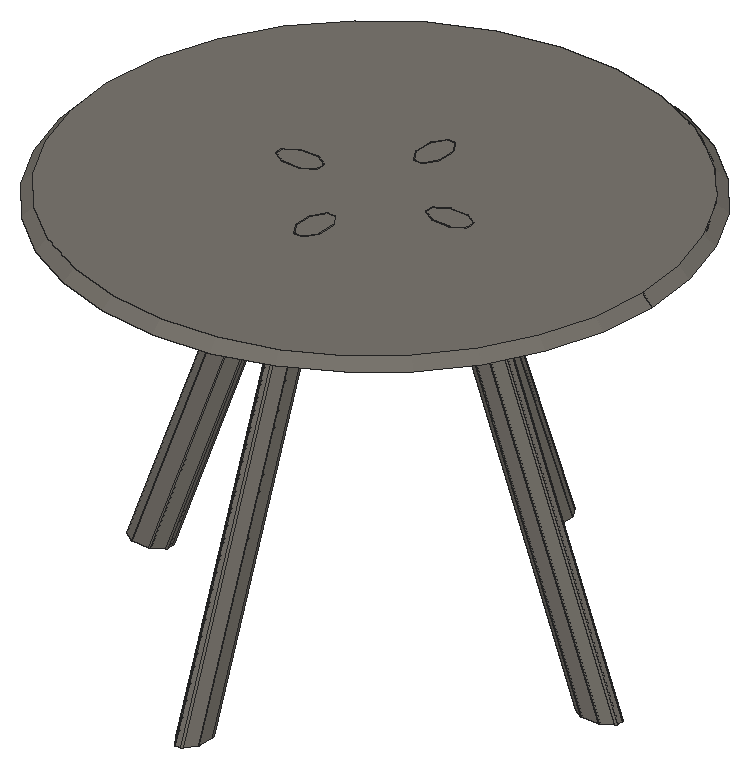
Revit family "Table-Work-Teknion-STBSR_Qui_Without_Power-R2014", category Furniture, Revit 2014
Parameters (values of type "Round, 25.5" High")
  Width = 36.000"
  Warranty = "https://d2r72yk5wmppdj.cloudfront.net/m/3754bc876d846fdf/StudioTK--Warranty.pdf"
  Unit Weight = 65.00 lbf  # constant formula
  URL = "www.studiotk.com"
  Table Finish [instance] = Wood - Teknion - DY - Cocoa Brown
  Square Table Visibility = not(Round Table Visibility)  # no
  Series = "Studio"
  Round Table Visibility = yes
  Product Line = "Qui"
  Product Documentation Link = "https://d2r72yk5wmppdj.cloudfront.net/m/6a067d0f21732b57/Qui_Tables_ppg.pdf"
  Part Number = "STBSR"
  Model = "STBSRB25N"
  Manufacturer Phone = "919-464-2920"
  Manufacturer Fax = "919-464-2927"
  Manufacturer Email = "customersupport@studiotk.com"
  Manufacturer Address = "3941 US 70 Business HWY West, Clayton, NC 27520"
  Manufacturer = "StudioTK"  # constant formula
  Low Emitting Material = yes
  Low Emitting Finish = yes
  Height = 25.500"
  Description = "Qui Work Table Without Power, Round 36\"dia / 91cm, 25.5\"h / 65 cm"
  Depth = 36.000"
  Assembly Code = "E2020200"
Reference planes (in)
  plane 1 "Center F/B": y = 0
  plane 2: z = 0
  plane 3 "Center L/R": x = 0
  plane 4 "Left": x = -18
  plane 5 "Right": x = 18
  plane 6 "Back": y = 18
  plane 7 "Front": y = -18
  plane 8 "Top": z = 25.5
Dimensions and locks (in)
  "Height": plane 8 "Top" to plane 2
  equal spacing: plane 4 "Left", plane 3 "Center L/R", plane 5 "Right"
  "Width": plane 4 "Left" to plane 5 "Right"
  equal spacing: plane 6 "Back", plane 1 "Center F/B", plane 7 "Front"
  "Depth": plane 6 "Back" to plane 7 "Front"
  aligned and locked: level to plane 2
  aligned and locked: plane 3 "Center L/R" to nested 1
  aligned and locked: plane 1 "Center F/B" to nested 1
  aligned and locked: plane 3 "Center L/R" to nested 2
  aligned and locked: plane 1 "Center F/B" to nested 2
  aligned and locked: plane 2 to nested 2
  aligned and locked: plane 2 to nested 1
Nested families (in)
  nested 1: "Table-Work-Teknion-STBSR_Square_Qui-R2013" at (0, 0, 0), visible <- "Square Table Visibility", Table Finish <- "Table Finish", type "25.5" High"
    with Table Finish Wood - Teknion - DY - Cocoa Brown
  nested 2: "Table-Work-Teknion-STBSR_Round_Qui-R2013" at (0, 0, 0), visible <- "Round Table Visibility", Table Finish <- "Table Finish", type "25.5" High"
    with Table Finish Wood - Teknion - DY - Cocoa Brown
Definition of nested family "Table-Work-Teknion-STBSR_Square_Qui-R2013"
  Parameters (values of type "25.5" High")
    Width = 36.000"
    Warranty = "http://www.teknionstudio.com/pdfs/Teknion%20Studio%20Warranty.pdf"
    Unit Weight = 0.00 lbf
    URL = "www.teknionstudio.com"
    Table Finish [instance] = Wood - Teknion - DY - Cocoa Brown
    Series = "Studio"
    Product Line = "Qui"
    Product Documentation Link = "http://www.teknionstudio.com/pricing/STBSR_ppg.pdf"
    Part Number = "STBSR"
    Model = "STBSRD25"
    Manufacturer Phone = "919-464-2920"
    Manufacturer Fax = "919-464-2927"
    Manufacturer Email = "customersupport@teknionstudio.com"
    Manufacturer Address = "3941 US 70 Business HWY West, Clayton, NC 27520"
    Manufacturer = "Teknion Studio"
    Low Emitting Material = yes
    Low Emitting Finish = yes
    Height = 25.500"
    Description = "Qui Work Table, Square 36\"w / 91cm, 25.5\"h / 65 cm"
    Depth = 36.000"
    Assembly Code = "E2020200"
  Reference planes (in)
    plane 1 "Center F/B": y = 0
    plane 2: z = 0
    plane 3 "Center L/R": x = 0
    plane 4 "Left": x = -18
    plane 5 "Right": x = 18
    plane 6 "Back": y = 18
    plane 7 "Front": y = -18
    plane 8 "Top": z = 25.5
    plane 9 "Table Base": z = 24.875
    plane 10 "Table Bottom": z = 23.375
    plane 11 "Leg Top": z = 25.525
  Forms (in)
    Blend 1, solid, material "Wood - Teknion - DY - Cocoa Brown" <- "Table Finish"
      base sketch origin (0, 0, 24.875) x (-1, 0, 0) y (0, -1, 0)
        loop
          arc (17.75, -18) -> (17.92678, -17.92678) -> (18, -17.75) r 0.25
          line (18, -17.75) -> (18, 17.75)
          arc (18, 17.75) -> (17.92678, 17.92678) -> (17.75, 18) r 0.25
          line (17.75, 18) -> (-17.75, 18)
          arc (-17.75, 18) -> (-17.92678, 17.92678) -> (-18, 17.75) r 0.25
          line (-18, 17.75) -> (-18, -17.75)
          arc (-18, -17.75) -> (-17.92678, -17.92678) -> (-17.75, -18) r 0.25
          line (-17.75, -18) -> (17.75, -18)
      top sketch origin (0, 0, 25.5) x (-1, 0, 0) y (0, -1, 0)
        loop
          line (-17.375, -17.375) -> (17.375, -17.375) -> (17.375, 17.375) -> (-17.375, 17.375) -> (-17.375, -17.375)
      from 0 to 0
    Blend 2, solid, material "Wood - Teknion - DY - Cocoa Brown" <- "Table Finish"
      base sketch origin (0, 0, 23.375) x (-1, 0, 0) y (0, -1, 0)
        loop
          line (11, -11) -> (11, 11) -> (-11, 11) -> (-11, -11) -> (11, -11)
      top sketch origin (0, 0, 23.375) x (-1, 0, 0) y (0, -1, 0)
        loop
          line (-12, -12) -> (12, -12) -> (12, 12) -> (-12, 12) -> (-12, -12)
      from 0 to 1.5
    Blend 3, solid, material "Wood - Teknion - DY - Cocoa Brown" <- "Table Finish"
      base sketch origin (0, 0, 25.525) x (0, -1, 0) y (1, 0, 0)
        loop
          arc (-11.94086, -11.68237) -> (-12.00536, -11.64431) -> (-12.08022, -11.64218) r 0.15
          line (-12.08022, -11.64218) -> (-12.84415, -11.81607)
          arc (-12.84415, -11.81607) -> (-12.88338, -11.83103) -> (-12.91693, -11.85627) r 0.15
          line (-12.91693, -11.85627) -> (-13.6605, -12.59984)
          arc (-13.6605, -12.59984) -> (-13.68574, -12.63338) -> (-13.70069, -12.67261) r 0.15
          line (-13.70069, -12.67261) -> (-13.87459, -13.43655)
          arc (-13.87459, -13.43655) -> (-13.87245, -13.51141) -> (-13.83439, -13.5759) r 0.15
          line (-13.83439, -13.5759) -> (-13.5759, -13.83439)
          arc (-13.5759, -13.83439) -> (-13.51141, -13.87245) -> (-13.43655, -13.87459) r 0.15
          line (-13.43655, -13.87459) -> (-12.67261, -13.70069)
          arc (-12.67261, -13.70069) -> (-12.63338, -13.68574) -> (-12.59984, -13.6605) r 0.15
          line (-12.59984, -13.6605) -> (-11.85627, -12.91693)
          arc (-11.85627, -12.91693) -> (-11.83103, -12.88338) -> (-11.81607, -12.84415) r 0.15
          line (-11.81607, -12.84415) -> (-11.64218, -12.08022)
          arc (-11.64218, -12.08022) -> (-11.64431, -12.00536) -> (-11.68237, -11.94086) r 0.15
          line (-11.68237, -11.94086) -> (-11.94086, -11.68237)
      top sketch origin (0, 0, 25.525) x (0, -1, 0) y (1, 0, 0)
        loop
          arc (-5.06286, -4.80437) -> (-5.12736, -4.76631) -> (-5.20222, -4.76418) r 0.15
          line (-5.20222, -4.76418) -> (-5.96615, -4.93807)
          arc (-5.96615, -4.93807) -> (-6.00538, -4.95303) -> (-6.03893, -4.97827) r 0.15
          line (-6.03893, -4.97827) -> (-6.7825, -5.72184)
          arc (-6.7825, -5.72184) -> (-6.80774, -5.75538) -> (-6.82269, -5.79461) r 0.15
          line (-6.82269, -5.79461) -> (-6.99659, -6.55854)
          arc (-6.99659, -6.55854) -> (-6.99445, -6.63341) -> (-6.95639, -6.6979) r 0.15
          line (-6.95639, -6.6979) -> (-6.6979, -6.95639)
          arc (-6.6979, -6.95639) -> (-6.63341, -6.99445) -> (-6.55854, -6.99659) r 0.15
          line (-6.55854, -6.99659) -> (-5.79461, -6.82269)
          arc (-5.79461, -6.82269) -> (-5.75538, -6.80774) -> (-5.72184, -6.7825) r 0.15
          line (-5.72184, -6.7825) -> (-4.97827, -6.03893)
          arc (-4.97827, -6.03893) -> (-4.95303, -6.00538) -> (-4.93807, -5.96615) r 0.15
          line (-4.93807, -5.96615) -> (-4.76418, -5.20222)
          arc (-4.76418, -5.20222) -> (-4.76631, -5.12736) -> (-4.80437, -5.06286) r 0.15
          line (-4.80437, -5.06286) -> (-5.06286, -4.80437)
      from -25.525 to -0.025
    Blend 4, solid, material "Wood - Teknion - DY - Cocoa Brown" <- "Table Finish"
      base sketch origin (0, 0, 25.525) x (0, 1, 0) y (-1, 0, 0)
        loop
          arc (-11.94086, -11.68237) -> (-12.00536, -11.64431) -> (-12.08022, -11.64218) r 0.15
          line (-12.08022, -11.64218) -> (-12.84415, -11.81607)
          arc (-12.84415, -11.81607) -> (-12.88338, -11.83103) -> (-12.91693, -11.85627) r 0.15
          line (-12.91693, -11.85627) -> (-13.6605, -12.59984)
          arc (-13.6605, -12.59984) -> (-13.68574, -12.63338) -> (-13.70069, -12.67261) r 0.15
          line (-13.70069, -12.67261) -> (-13.87459, -13.43655)
          arc (-13.87459, -13.43655) -> (-13.87245, -13.51141) -> (-13.83439, -13.5759) r 0.15
          line (-13.83439, -13.5759) -> (-13.5759, -13.83439)
          arc (-13.5759, -13.83439) -> (-13.51141, -13.87245) -> (-13.43655, -13.87459) r 0.15
          line (-13.43655, -13.87459) -> (-12.67261, -13.70069)
          arc (-12.67261, -13.70069) -> (-12.63338, -13.68574) -> (-12.59984, -13.6605) r 0.15
          line (-12.59984, -13.6605) -> (-11.85627, -12.91693)
          arc (-11.85627, -12.91693) -> (-11.83103, -12.88338) -> (-11.81607, -12.84415) r 0.15
          line (-11.81607, -12.84415) -> (-11.64218, -12.08022)
          arc (-11.64218, -12.08022) -> (-11.64431, -12.00536) -> (-11.68237, -11.94086) r 0.15
          line (-11.68237, -11.94086) -> (-11.94086, -11.68237)
      top sketch origin (0, 0, 25.525) x (0, 1, 0) y (-1, 0, 0)
        loop
          arc (-5.06286, -4.80437) -> (-5.12736, -4.76631) -> (-5.20222, -4.76418) r 0.15
          line (-5.20222, -4.76418) -> (-5.96615, -4.93807)
          arc (-5.96615, -4.93807) -> (-6.00538, -4.95303) -> (-6.03893, -4.97827) r 0.15
          line (-6.03893, -4.97827) -> (-6.7825, -5.72184)
          arc (-6.7825, -5.72184) -> (-6.80774, -5.75538) -> (-6.82269, -5.79461) r 0.15
          line (-6.82269, -5.79461) -> (-6.99659, -6.55854)
          arc (-6.99659, -6.55854) -> (-6.99445, -6.63341) -> (-6.95639, -6.6979) r 0.15
          line (-6.95639, -6.6979) -> (-6.6979, -6.95639)
          arc (-6.6979, -6.95639) -> (-6.63341, -6.99445) -> (-6.55854, -6.99659) r 0.15
          line (-6.55854, -6.99659) -> (-5.79461, -6.82269)
          arc (-5.79461, -6.82269) -> (-5.75538, -6.80774) -> (-5.72184, -6.7825) r 0.15
          line (-5.72184, -6.7825) -> (-4.97827, -6.03893)
          arc (-4.97827, -6.03893) -> (-4.95303, -6.00538) -> (-4.93807, -5.96615) r 0.15
          line (-4.93807, -5.96615) -> (-4.76418, -5.20222)
          arc (-4.76418, -5.20222) -> (-4.76631, -5.12736) -> (-4.80437, -5.06286) r 0.15
          line (-4.80437, -5.06286) -> (-5.06286, -4.80437)
      from -25.525 to -0.025
    Sweep 5, void
      path origin (0, 0, 0) x (1, 0, 0) y (0, 0, 1)
        loop
          line (0, 25.5) -> (0, 25.25)
      profile origin (0, 0, 25.375) x (0, -1, 0) y (1, 0, 0)
        loop
          arc (-7.01219, -6.55499) -> (-7.00983, -6.63784) -> (-6.96771, -6.70922) r 0.166
          line (-6.96771, -6.70922) -> (-6.70922, -6.96771)
          arc (-6.70922, -6.96771) -> (-6.63784, -7.00983) -> (-6.55499, -7.01219) r 0.166
          line (-6.55499, -7.01219) -> (-5.79106, -6.83829)
          arc (-5.79106, -6.83829) -> (-5.74765, -6.82174) -> (-5.71052, -6.79381) r 0.166
          line (-5.71052, -6.79381) -> (-4.96695, -6.05024)
          arc (-4.96695, -6.05024) -> (-4.93902, -6.01312) -> (-4.92247, -5.9697) r 0.166
          line (-4.92247, -5.9697) -> (-4.74858, -5.20577)
          arc (-4.74858, -5.20577) -> (-4.75094, -5.12292) -> (-4.79306, -5.05155) r 0.166
          line (-4.79306, -5.05155) -> (-5.05155, -4.79306)
          arc (-5.05155, -4.79306) -> (-5.12292, -4.75094) -> (-5.20577, -4.74858) r 0.166
          line (-5.20577, -4.74858) -> (-5.9697, -4.92247)
          arc (-5.9697, -4.92247) -> (-6.01312, -4.93902) -> (-6.05024, -4.96695) r 0.166
          line (-6.05024, -4.96695) -> (-6.79381, -5.71052)
          arc (-6.79381, -5.71052) -> (-6.82174, -5.74765) -> (-6.83829, -5.79106) r 0.166
          line (-6.83829, -5.79106) -> (-7.01219, -6.55499)
        loop
          line (-6.79381, 5.71052) -> (-6.05024, 4.96695)
          arc (-6.05024, 4.96695) -> (-6.01312, 4.93902) -> (-5.9697, 4.92247) r 0.166
          line (-5.9697, 4.92247) -> (-5.20577, 4.74858)
          arc (-5.20577, 4.74858) -> (-5.12292, 4.75094) -> (-5.05155, 4.79306) r 0.166
          line (-5.05155, 4.79306) -> (-4.79306, 5.05155)
          arc (-4.79306, 5.05155) -> (-4.75094, 5.12292) -> (-4.74858, 5.20577) r 0.166
          line (-4.74858, 5.20577) -> (-4.92247, 5.9697)
          arc (-4.92247, 5.9697) -> (-4.93902, 6.01312) -> (-4.96695, 6.05024) r 0.166
          line (-4.96695, 6.05024) -> (-5.71052, 6.79381)
          arc (-5.71052, 6.79381) -> (-5.74765, 6.82174) -> (-5.79106, 6.83829) r 0.166
          line (-5.79106, 6.83829) -> (-6.55499, 7.01219)
          arc (-6.55499, 7.01219) -> (-6.63784, 7.00983) -> (-6.70922, 6.96771) r 0.166
          line (-6.70922, 6.96771) -> (-6.96771, 6.70922)
          arc (-6.96771, 6.70922) -> (-7.00983, 6.63784) -> (-7.01219, 6.55499) r 0.166
          line (-7.01219, 6.55499) -> (-6.83829, 5.79106)
          arc (-6.83829, 5.79106) -> (-6.82174, 5.74765) -> (-6.79381, 5.71052) r 0.166
        loop
          line (6.83829, 5.79106) -> (7.01219, 6.55499)
          arc (7.01219, 6.55499) -> (7.00983, 6.63784) -> (6.96771, 6.70922) r 0.166
          line (6.96771, 6.70922) -> (6.70922, 6.96771)
          arc (6.70922, 6.96771) -> (6.63784, 7.00983) -> (6.55499, 7.01219) r 0.166
          line (6.55499, 7.01219) -> (5.79106, 6.83829)
          arc (5.79106, 6.83829) -> (5.74765, 6.82174) -> (5.71052, 6.79381) r 0.166
          line (5.71052, 6.79381) -> (4.96695, 6.05024)
          arc (4.96695, 6.05024) -> (4.93902, 6.01312) -> (4.92247, 5.9697) r 0.166
          line (4.92247, 5.9697) -> (4.74858, 5.20577)
          arc (4.74858, 5.20577) -> (4.75094, 5.12292) -> (4.79306, 5.05155) r 0.166
          line (4.79306, 5.05155) -> (5.05155, 4.79306)
          arc (5.05155, 4.79306) -> (5.12292, 4.75094) -> (5.20577, 4.74858) r 0.166
          line (5.20577, 4.74858) -> (5.9697, 4.92247)
          arc (5.9697, 4.92247) -> (6.01312, 4.93902) -> (6.05024, 4.96695) r 0.166
          line (6.05024, 4.96695) -> (6.79381, 5.71052)
          arc (6.79381, 5.71052) -> (6.82174, 5.74765) -> (6.83829, 5.79106) r 0.166
        loop
          line (7.01219, -6.55499) -> (6.83829, -5.79106)
          arc (6.83829, -5.79106) -> (6.82174, -5.74765) -> (6.79381, -5.71052) r 0.166
          line (6.79381, -5.71052) -> (6.05024, -4.96695)
          arc (6.05024, -4.96695) -> (6.01312, -4.93902) -> (5.9697, -4.92247) r 0.166
          line (5.9697, -4.92247) -> (5.20577, -4.74858)
          arc (5.20577, -4.74858) -> (5.12292, -4.75094) -> (5.05155, -4.79306) r 0.166
          line (5.05155, -4.79306) -> (4.79306, -5.05155)
          arc (4.79306, -5.05155) -> (4.75094, -5.12292) -> (4.74858, -5.20577) r 0.166
          line (4.74858, -5.20577) -> (4.92247, -5.9697)
          arc (4.92247, -5.9697) -> (4.93902, -6.01312) -> (4.96695, -6.05024) r 0.166
          line (4.96695, -6.05024) -> (5.71052, -6.79381)
          arc (5.71052, -6.79381) -> (5.74765, -6.82174) -> (5.79106, -6.83829) r 0.166
          line (5.79106, -6.83829) -> (6.55499, -7.01219)
          arc (6.55499, -7.01219) -> (6.63784, -7.00983) -> (6.70922, -6.96771) r 0.166
          line (6.70922, -6.96771) -> (6.96771, -6.70922)
          arc (6.96771, -6.70922) -> (7.00983, -6.63784) -> (7.01219, -6.55499) r 0.166
    Blend 6, solid, material "Wood - Teknion - DY - Cocoa Brown" <- "Table Finish"
      base sketch origin (0, 0, 25.525) x (0, 1, 0) y (-1, 0, 0)
        loop
          line (11.94086, -11.68237) -> (11.68237, -11.94086)
          arc (11.68237, -11.94086) -> (11.64431, -12.00536) -> (11.64218, -12.08022) r 0.15
          line (11.64218, -12.08022) -> (11.81607, -12.84415)
          arc (11.81607, -12.84415) -> (11.83103, -12.88338) -> (11.85627, -12.91693) r 0.15
          line (11.85627, -12.91693) -> (12.59984, -13.6605)
          arc (12.59984, -13.6605) -> (12.63338, -13.68574) -> (12.67261, -13.70069) r 0.15
          line (12.67261, -13.70069) -> (13.43655, -13.87459)
          arc (13.43655, -13.87459) -> (13.51141, -13.87245) -> (13.5759, -13.83439) r 0.15
          line (13.5759, -13.83439) -> (13.83439, -13.5759)
          arc (13.83439, -13.5759) -> (13.87245, -13.51141) -> (13.87459, -13.43655) r 0.15
          line (13.87459, -13.43655) -> (13.70069, -12.67261)
          arc (13.70069, -12.67261) -> (13.68574, -12.63338) -> (13.6605, -12.59984) r 0.15
          line (13.6605, -12.59984) -> (12.91693, -11.85627)
          arc (12.91693, -11.85627) -> (12.88338, -11.83103) -> (12.84415, -11.81607) r 0.15
          line (12.84415, -11.81607) -> (12.08022, -11.64218)
          arc (12.08022, -11.64218) -> (12.00536, -11.64431) -> (11.94086, -11.68237) r 0.15
      top sketch origin (0, 0, 25.525) x (0, 1, 0) y (-1, 0, 0)
        loop
          line (5.06286, -4.80437) -> (4.80437, -5.06286)
          arc (4.80437, -5.06286) -> (4.76631, -5.12736) -> (4.76418, -5.20222) r 0.15
          line (4.76418, -5.20222) -> (4.93807, -5.96615)
          arc (4.93807, -5.96615) -> (4.95303, -6.00538) -> (4.97827, -6.03893) r 0.15
          line (4.97827, -6.03893) -> (5.72184, -6.7825)
          arc (5.72184, -6.7825) -> (5.75538, -6.80774) -> (5.79461, -6.82269) r 0.15
          line (5.79461, -6.82269) -> (6.55854, -6.99659)
          arc (6.55854, -6.99659) -> (6.63341, -6.99445) -> (6.6979, -6.95639) r 0.15
          line (6.6979, -6.95639) -> (6.95639, -6.6979)
          arc (6.95639, -6.6979) -> (6.99445, -6.63341) -> (6.99659, -6.55854) r 0.15
          line (6.99659, -6.55854) -> (6.82269, -5.79461)
          arc (6.82269, -5.79461) -> (6.80774, -5.75538) -> (6.7825, -5.72184) r 0.15
          line (6.7825, -5.72184) -> (6.03893, -4.97827)
          arc (6.03893, -4.97827) -> (6.00538, -4.95303) -> (5.96615, -4.93807) r 0.15
          line (5.96615, -4.93807) -> (5.20222, -4.76418)
          arc (5.20222, -4.76418) -> (5.12736, -4.76631) -> (5.06286, -4.80437) r 0.15
      from -25.525 to -0.025
    Blend 7, solid, material "Wood - Teknion - DY - Cocoa Brown" <- "Table Finish"
      base sketch origin (0, 0, 25.525) x (0, -1, 0) y (1, 0, 0)
        loop
          line (11.94086, -11.68237) -> (11.68237, -11.94086)
          arc (11.68237, -11.94086) -> (11.64431, -12.00536) -> (11.64218, -12.08022) r 0.15
          line (11.64218, -12.08022) -> (11.81607, -12.84415)
          arc (11.81607, -12.84415) -> (11.83103, -12.88338) -> (11.85627, -12.91693) r 0.15
          line (11.85627, -12.91693) -> (12.59984, -13.6605)
          arc (12.59984, -13.6605) -> (12.63338, -13.68574) -> (12.67261, -13.70069) r 0.15
          line (12.67261, -13.70069) -> (13.43655, -13.87459)
          arc (13.43655, -13.87459) -> (13.51141, -13.87245) -> (13.5759, -13.83439) r 0.15
          line (13.5759, -13.83439) -> (13.83439, -13.5759)
          arc (13.83439, -13.5759) -> (13.87245, -13.51141) -> (13.87459, -13.43655) r 0.15
          line (13.87459, -13.43655) -> (13.70069, -12.67261)
          arc (13.70069, -12.67261) -> (13.68574, -12.63338) -> (13.6605, -12.59984) r 0.15
          line (13.6605, -12.59984) -> (12.91693, -11.85627)
          arc (12.91693, -11.85627) -> (12.88338, -11.83103) -> (12.84415, -11.81607) r 0.15
          line (12.84415, -11.81607) -> (12.08022, -11.64218)
          arc (12.08022, -11.64218) -> (12.00536, -11.64431) -> (11.94086, -11.68237) r 0.15
      top sketch origin (0, 0, 25.525) x (0, -1, 0) y (1, 0, 0)
        loop
          line (5.06286, -4.80437) -> (4.80437, -5.06286)
          arc (4.80437, -5.06286) -> (4.76631, -5.12736) -> (4.76418, -5.20222) r 0.15
          line (4.76418, -5.20222) -> (4.93807, -5.96615)
          arc (4.93807, -5.96615) -> (4.95303, -6.00538) -> (4.97827, -6.03893) r 0.15
          line (4.97827, -6.03893) -> (5.72184, -6.7825)
          arc (5.72184, -6.7825) -> (5.75538, -6.80774) -> (5.79461, -6.82269) r 0.15
          line (5.79461, -6.82269) -> (6.55854, -6.99659)
          arc (6.55854, -6.99659) -> (6.63341, -6.99445) -> (6.6979, -6.95639) r 0.15
          line (6.6979, -6.95639) -> (6.95639, -6.6979)
          arc (6.95639, -6.6979) -> (6.99445, -6.63341) -> (6.99659, -6.55854) r 0.15
          line (6.99659, -6.55854) -> (6.82269, -5.79461)
          arc (6.82269, -5.79461) -> (6.80774, -5.75538) -> (6.7825, -5.72184) r 0.15
          line (6.7825, -5.72184) -> (6.03893, -4.97827)
          arc (6.03893, -4.97827) -> (6.00538, -4.95303) -> (5.96615, -4.93807) r 0.15
          line (5.96615, -4.93807) -> (5.20222, -4.76418)
          arc (5.20222, -4.76418) -> (5.12736, -4.76631) -> (5.06286, -4.80437) r 0.15
      from -25.525 to -0.025
  Cuts and joins
    Sweep 5 cuts Blend 1
  Lines and regions (in)
    Masking region 1
      outline origin (0, 0, 25.525) x (0, -1, 0) y (1, 0, 0)
        loop
          line (-18, -18) -> (18, -18) -> (18, 18) -> (-18, 18) -> (-18, -18)
    symbolic lines, detail levels medium+fine
      curve 1: line (17.375, 17.375, 25.525) -> (-17.375, 17.375, 25.525)
      curve 2: line (-17.375, 17.375, 25.525) -> (-17.375, -17.375, 25.525)
      curve 3: line (-17.375, -17.375, 25.525) -> (17.375, -17.375, 25.525)
      curve 4: line (17.375, -17.375, 25.525) -> (17.375, 17.375, 25.525)
    symbolic lines, style "Hidden Lines", detail levels medium+fine
      curve 5: line (-6.6979, 6.95639, 25.525) -> (-6.95639, 6.6979, 25.525)
      curve 6: arc (-6.55854, 6.99659, 25.525) -> (-6.63341, 6.99445, 25.525) -> (-6.6979, 6.95639, 25.525) r 0.15
      curve 7: line (-5.79461, 6.82269, 25.525) -> (-6.55854, 6.99659, 25.525)
      curve 8: arc (-5.72184, 6.7825, 25.525) -> (-5.75538, 6.80774, 25.525) -> (-5.79461, 6.82269, 25.525) r 0.15
      curve 9: line (-4.97827, 6.03893, 25.525) -> (-5.72184, 6.7825, 25.525)
      curve 10: arc (-4.93807, 5.96615, 25.525) -> (-4.95303, 6.00538, 25.525) -> (-4.97827, 6.03893, 25.525) r 0.15
      curve 11: line (-4.76418, 5.20222, 25.525) -> (-4.93807, 5.96615, 25.525)
      curve 12: arc (-4.80437, 5.06286, 25.525) -> (-4.76631, 5.12736, 25.525) -> (-4.76418, 5.20222, 25.525) r 0.15
      curve 13: line (-5.06286, 4.80437, 25.525) -> (-4.80437, 5.06286, 25.525)
      curve 14: arc (-5.20222, 4.76418, 25.525) -> (-5.12736, 4.76631, 25.525) -> (-5.06286, 4.80437, 25.525) r 0.15
      curve 15: line (-5.96615, 4.93807, 25.525) -> (-5.20222, 4.76418, 25.525)
      curve 16: arc (-6.03893, 4.97827, 25.525) -> (-6.00538, 4.95303, 25.525) -> (-5.96615, 4.93807, 25.525) r 0.15
      curve 17: line (-6.7825, 5.72184, 25.525) -> (-6.03893, 4.97827, 25.525)
      curve 18: arc (-6.82269, 5.79461, 25.525) -> (-6.80774, 5.75538, 25.525) -> (-6.7825, 5.72184, 25.525) r 0.15
      curve 19: line (-6.99659, 6.55854, 25.525) -> (-6.82269, 5.79461, 25.525)
      curve 20: arc (-6.95639, 6.6979, 25.525) -> (-6.99445, 6.63341, 25.525) -> (-6.99659, 6.55854, 25.525) r 0.15
      curve 21: line (5.72184, 6.7825, 25.525) -> (4.97827, 6.03893, 25.525)
      curve 22: arc (5.79461, 6.82269, 25.525) -> (5.75538, 6.80774, 25.525) -> (5.72184, 6.7825, 25.525) r 0.15
      curve 23: line (6.55854, 6.99659, 25.525) -> (5.79461, 6.82269, 25.525)
      curve 24: arc (6.6979, 6.95639, 25.525) -> (6.63341, 6.99445, 25.525) -> (6.55854, 6.99659, 25.525) r 0.15
      curve 25: line (6.95639, 6.6979, 25.525) -> (6.6979, 6.95639, 25.525)
      curve 26: arc (6.99659, 6.55854, 25.525) -> (6.99445, 6.63341, 25.525) -> (6.95639, 6.6979, 25.525) r 0.15
      curve 27: line (6.82269, 5.79461, 25.525) -> (6.99659, 6.55854, 25.525)
      curve 28: arc (6.7825, 5.72184, 25.525) -> (6.80774, 5.75538, 25.525) -> (6.82269, 5.79461, 25.525) r 0.15
      curve 29: line (6.03893, 4.97827, 25.525) -> (6.7825, 5.72184, 25.525)
      curve 30: arc (5.96615, 4.93807, 25.525) -> (6.00538, 4.95303, 25.525) -> (6.03893, 4.97827, 25.525) r 0.15
      curve 31: line (5.20222, 4.76418, 25.525) -> (5.96615, 4.93807, 25.525)
      curve 32: arc (5.06286, 4.80437, 25.525) -> (5.12736, 4.76631, 25.525) -> (5.20222, 4.76418, 25.525) r 0.15
      curve 33: line (4.80437, 5.06286, 25.525) -> (5.06286, 4.80437, 25.525)
      curve 34: arc (4.76418, 5.20222, 25.525) -> (4.76631, 5.12736, 25.525) -> (4.80437, 5.06286, 25.525) r 0.15
      curve 35: line (4.93807, 5.96615, 25.525) -> (4.76418, 5.20222, 25.525)
      curve 36: arc (4.97827, 6.03893, 25.525) -> (4.95303, 6.00538, 25.525) -> (4.93807, 5.96615, 25.525) r 0.15
      curve 37: line (5.06286, -4.80437, 25.525) -> (4.80437, -5.06286, 25.525)
      curve 38: arc (5.20222, -4.76418, 25.525) -> (5.12736, -4.76631, 25.525) -> (5.06286, -4.80437, 25.525) r 0.15
      curve 39: line (5.96615, -4.93807, 25.525) -> (5.20222, -4.76418, 25.525)
      curve 40: arc (6.03893, -4.97827, 25.525) -> (6.00538, -4.95303, 25.525) -> (5.96615, -4.93807, 25.525) r 0.15
      curve 41: line (6.7825, -5.72184, 25.525) -> (6.03893, -4.97827, 25.525)
      curve 42: arc (6.82269, -5.79461, 25.525) -> (6.80774, -5.75538, 25.525) -> (6.7825, -5.72184, 25.525) r 0.15
      curve 43: line (6.99659, -6.55854, 25.525) -> (6.82269, -5.79461, 25.525)
      curve 44: arc (6.95639, -6.6979, 25.525) -> (6.99445, -6.63341, 25.525) -> (6.99659, -6.55854, 25.525) r 0.15
      curve 45: line (6.6979, -6.95639, 25.525) -> (6.95639, -6.6979, 25.525)
      curve 46: arc (6.55854, -6.99659, 25.525) -> (6.63341, -6.99445, 25.525) -> (6.6979, -6.95639, 25.525) r 0.15
      curve 47: line (5.79461, -6.82269, 25.525) -> (6.55854, -6.99659, 25.525)
      curve 48: arc (5.72184, -6.7825, 25.525) -> (5.75538, -6.80774, 25.525) -> (5.79461, -6.82269, 25.525) r 0.15
      curve 49: line (4.97827, -6.03893, 25.525) -> (5.72184, -6.7825, 25.525)
      curve 50: arc (4.93807, -5.96615, 25.525) -> (4.95303, -6.00538, 25.525) -> (4.97827, -6.03893, 25.525) r 0.15
      curve 51: line (4.76418, -5.20222, 25.525) -> (4.93807, -5.96615, 25.525)
      curve 52: arc (4.80437, -5.06286, 25.525) -> (4.76631, -5.12736, 25.525) -> (4.76418, -5.20222, 25.525) r 0.15
      curve 53: line (-4.80437, -5.06286, 25.525) -> (-5.06286, -4.80437, 25.525)
      curve 54: arc (-4.76418, -5.20222, 25.525) -> (-4.76631, -5.12736, 25.525) -> (-4.80437, -5.06286, 25.525) r 0.15
      curve 55: line (-4.93807, -5.96615, 25.525) -> (-4.76418, -5.20222, 25.525)
      curve 56: arc (-4.97827, -6.03893, 25.525) -> (-4.95303, -6.00538, 25.525) -> (-4.93807, -5.96615, 25.525) r 0.15
      curve 57: line (-5.72184, -6.7825, 25.525) -> (-4.97827, -6.03893, 25.525)
      curve 58: arc (-5.79461, -6.82269, 25.525) -> (-5.75538, -6.80774, 25.525) -> (-5.72184, -6.7825, 25.525) r 0.15
      curve 59: line (-6.55854, -6.99659, 25.525) -> (-5.79461, -6.82269, 25.525)
      curve 60: arc (-6.6979, -6.95639, 25.525) -> (-6.63341, -6.99445, 25.525) -> (-6.55854, -6.99659, 25.525) r 0.15
      curve 61: line (-6.95639, -6.6979, 25.525) -> (-6.6979, -6.95639, 25.525)
      curve 62: arc (-6.99659, -6.55854, 25.525) -> (-6.99445, -6.63341, 25.525) -> (-6.95639, -6.6979, 25.525) r 0.15
      curve 63: line (-6.82269, -5.79461, 25.525) -> (-6.99659, -6.55854, 25.525)
      curve 64: arc (-6.7825, -5.72184, 25.525) -> (-6.80774, -5.75538, 25.525) -> (-6.82269, -5.79461, 25.525) r 0.15
      curve 65: line (-6.03893, -4.97827, 25.525) -> (-6.7825, -5.72184, 25.525)
      curve 66: arc (-5.96615, -4.93807, 25.525) -> (-6.00538, -4.95303, 25.525) -> (-6.03893, -4.97827, 25.525) r 0.15
      curve 67: line (-5.20222, -4.76418, 25.525) -> (-5.96615, -4.93807, 25.525)
      curve 68: arc (-5.06286, -4.80437, 25.525) -> (-5.12736, -4.76631, 25.525) -> (-5.20222, -4.76418, 25.525) r 0.15
    symbolic lines, style "Hidden Lines", detail levels fine
      curve 69: line (12, 12, 25.525) -> (-12, 12, 25.525)
      curve 70: line (-11, 11, 25.525) -> (11, 11, 25.525)
      curve 71: line (-11, -11, 25.525) -> (-11, 11, 25.525)
      curve 72: line (-12, 12, 25.525) -> (-12, -12, 25.525)
      curve 73: line (11, -11, 25.525) -> (-11, -11, 25.525)
      curve 74: line (-12, -12, 25.525) -> (12, -12, 25.525)
      curve 75: line (11, 11, 25.525) -> (11, -11, 25.525)
      curve 76: line (12, -12, 25.525) -> (12, 12, 25.525)
      curve 77: line (5.72184, 6.7825, 25.525) -> (12.59984, 13.6605, 25.525)
      curve 78: line (13.6605, 12.59984, 25.525) -> (6.7825, 5.72184, 25.525)
      curve 79: arc (12.59984, 13.6605, 25.525) -> (12.63338, 13.68574, 25.525) -> (12.67261, 13.70069, 25.525) r 0.15
      curve 80: line (12.67261, 13.70069, 25.525) -> (13.43655, 13.87459, 25.525)
      curve 81: arc (13.43655, 13.87459, 25.525) -> (13.51141, 13.87245, 25.525) -> (13.5759, 13.83439, 25.525) r 0.15
      curve 82: line (13.5759, 13.83439, 25.525) -> (13.83439, 13.5759, 25.525)
      curve 83: arc (13.83439, 13.5759, 25.525) -> (13.87245, 13.51141, 25.525) -> (13.87459, 13.43655, 25.525) r 0.15
      curve 84: line (13.87459, 13.43655, 25.525) -> (13.70069, 12.67261, 25.525)
      curve 85: arc (13.70069, 12.67261, 25.525) -> (13.68574, 12.63338, 25.525) -> (13.6605, 12.59984, 25.525) r 0.15
      curve 86: arc (12.91693, 11.85627, 25.525) -> (12.88338, 11.83103, 25.525) -> (12.84415, 11.81607, 25.525) r 0.15
      curve 87: line (12.84415, 11.81607, 25.525) -> (12.08022, 11.64218, 25.525)
      curve 88: arc (12.08022, 11.64218, 25.525) -> (12.00536, 11.64431, 25.525) -> (11.94086, 11.68237, 25.525) r 0.15
      curve 89: line (11.94086, 11.68237, 25.525) -> (11.68237, 11.94086, 25.525)
      curve 90: arc (11.68237, 11.94086, 25.525) -> (11.64431, 12.00536, 25.525) -> (11.64218, 12.08022, 25.525) r 0.15
      curve 91: line (11.64218, 12.08022, 25.525) -> (11.81607, 12.84415, 25.525)
      curve 92: arc (11.81607, 12.84415, 25.525) -> (11.83103, 12.88338, 25.525) -> (11.85627, 12.91693, 25.525) r 0.15
      curve 93: line (6.7825, -5.72184, 25.525) -> (13.6605, -12.59984, 25.525)
      curve 94: arc (13.6605, -12.59984, 25.525) -> (13.68574, -12.63338, 25.525) -> (13.70069, -12.67261, 25.525) r 0.15
      curve 95: line (13.70069, -12.67261, 25.525) -> (13.87459, -13.43655, 25.525)
      curve 96: arc (13.87459, -13.43655, 25.525) -> (13.87245, -13.51141, 25.525) -> (13.83439, -13.5759, 25.525) r 0.15
      curve 97: line (13.83439, -13.5759, 25.525) -> (13.5759, -13.83439, 25.525)
      curve 98: arc (13.5759, -13.83439, 25.525) -> (13.51141, -13.87245, 25.525) -> (13.43655, -13.87459, 25.525) r 0.15
      curve 99: line (13.43655, -13.87459, 25.525) -> (12.67261, -13.70069, 25.525)
      curve 100: arc (12.67261, -13.70069, 25.525) -> (12.63338, -13.68574, 25.525) -> (12.59984, -13.6605, 25.525) r 0.15
      curve 101: line (12.59984, -13.6605, 25.525) -> (5.72184, -6.7825, 25.525)
      curve 102: arc (11.85627, -12.91693, 25.525) -> (11.83103, -12.88338, 25.525) -> (11.81607, -12.84415, 25.525) r 0.15
      curve 103: line (11.81607, -12.84415, 25.525) -> (11.64218, -12.08022, 25.525)
      curve 104: arc (11.64218, -12.08022, 25.525) -> (11.64431, -12.00536, 25.525) -> (11.68237, -11.94086, 25.525) r 0.15
      curve 105: line (11.68237, -11.94086, 25.525) -> (11.94086, -11.68237, 25.525)
      curve 106: arc (11.94086, -11.68237, 25.525) -> (12.00536, -11.64431, 25.525) -> (12.08022, -11.64218, 25.525) r 0.15
      curve 107: line (12.08022, -11.64218, 25.525) -> (12.84415, -11.81607, 25.525)
      curve 108: arc (12.84415, -11.81607, 25.525) -> (12.88338, -11.83103, 25.525) -> (12.91693, -11.85627, 25.525) r 0.15
      curve 109: line (-13.6605, -12.59984, 25.525) -> (-6.7825, -5.72184, 25.525)
      curve 110: line (-5.72184, -6.7825, 25.525) -> (-12.59984, -13.6605, 25.525)
      curve 111: arc (-12.59984, -13.6605, 25.525) -> (-12.63338, -13.68574, 25.525) -> (-12.67261, -13.70069, 25.525) r 0.15
      curve 112: line (-12.67261, -13.70069, 25.525) -> (-13.43655, -13.87459, 25.525)
      curve 113: arc (-13.43655, -13.87459, 25.525) -> (-13.51141, -13.87245, 25.525) -> (-13.5759, -13.83439, 25.525) r 0.15
      curve 114: line (-13.5759, -13.83439, 25.525) -> (-13.83439, -13.5759, 25.525)
      curve 115: arc (-13.83439, -13.5759, 25.525) -> (-13.87245, -13.51141, 25.525) -> (-13.87459, -13.43655, 25.525) r 0.15
      curve 116: line (-13.87459, -13.43655, 25.525) -> (-13.70069, -12.67261, 25.525)
      curve 117: arc (-13.70069, -12.67261, 25.525) -> (-13.68574, -12.63338, 25.525) -> (-13.6605, -12.59984, 25.525) r 0.15
      curve 118: arc (-12.91693, -11.85627, 25.525) -> (-12.88338, -11.83103, 25.525) -> (-12.84415, -11.81607, 25.525) r 0.15
      curve 119: line (-12.84415, -11.81607, 25.525) -> (-12.08022, -11.64218, 25.525)
      curve 120: arc (-12.08022, -11.64218, 25.525) -> (-12.00536, -11.64431, 25.525) -> (-11.94086, -11.68237, 25.525) r 0.15
      curve 121: line (-11.94086, -11.68237, 25.525) -> (-11.68237, -11.94086, 25.525)
      curve 122: arc (-11.68237, -11.94086, 25.525) -> (-11.64431, -12.00536, 25.525) -> (-11.64218, -12.08022, 25.525) r 0.15
      curve 123: line (-11.64218, -12.08022, 25.525) -> (-11.81607, -12.84415, 25.525)
      curve 124: arc (-11.81607, -12.84415, 25.525) -> (-11.83103, -12.88338, 25.525) -> (-11.85627, -12.91693, 25.525) r 0.15
      curve 125: line (-11.81607, 12.84415, 25.525) -> (-11.64218, 12.08022, 25.525)
      curve 126: arc (-11.64218, 12.08022, 25.525) -> (-11.64431, 12.00536, 25.525) -> (-11.68237, 11.94086, 25.525) r 0.15
      curve 127: line (-11.68237, 11.94086, 25.525) -> (-11.94086, 11.68237, 25.525)
      curve 128: arc (-11.94086, 11.68237, 25.525) -> (-12.00536, 11.64431, 25.525) -> (-12.08022, 11.64218, 25.525) r 0.15
      curve 129: line (-12.08022, 11.64218, 25.525) -> (-12.84415, 11.81607, 25.525)
      curve 130: arc (-12.84415, 11.81607, 25.525) -> (-12.88338, 11.83103, 25.525) -> (-12.91693, 11.85627, 25.525) r 0.15
      curve 131: line (-6.7825, 5.72184, 25.525) -> (-13.6605, 12.59984, 25.525)
      curve 132: arc (-13.6605, 12.59984, 25.525) -> (-13.68574, 12.63338, 25.525) -> (-13.70069, 12.67261, 25.525) r 0.15
      curve 133: line (-13.70069, 12.67261, 25.525) -> (-13.87459, 13.43655, 25.525)
      curve 134: arc (-13.87459, 13.43655, 25.525) -> (-13.87245, 13.51141, 25.525) -> (-13.83439, 13.5759, 25.525) r 0.15
      curve 135: line (-13.83439, 13.5759, 25.525) -> (-13.5759, 13.83439, 25.525)
      curve 136: arc (-13.5759, 13.83439, 25.525) -> (-13.51141, 13.87245, 25.525) -> (-13.43655, 13.87459, 25.525) r 0.15
      curve 137: line (-13.43655, 13.87459, 25.525) -> (-12.67261, 13.70069, 25.525)
      curve 138: arc (-12.67261, 13.70069, 25.525) -> (-12.63338, 13.68574, 25.525) -> (-12.59984, 13.6605, 25.525) r 0.15
      curve 139: line (-12.59984, 13.6605, 25.525) -> (-5.72184, 6.7825, 25.525)
      curve 140: arc (-11.85627, 12.91693, 25.525) -> (-11.83103, 12.88338, 25.525) -> (-11.81607, 12.84415, 25.525) r 0.15
  Dimensions and locks (in)
    "Height": plane 8 "Top" to plane 2
    equal spacing: plane 4 "Left", plane 3 "Center L/R", plane 5 "Right"
    "Width": plane 4 "Left" to plane 5 "Right"
    equal spacing: plane 6 "Back", plane 1 "Center F/B", plane 7 "Front"
    "Depth": plane 6 "Back" to plane 7 "Front"
    plane 8 "Top" to plane 9 "Table Base" to plane 10 "Table Bottom" = 0.625" locked, 1.500" locked
    locked: Blend 1 sketch curve to plane 5 "Right" at 0.625
    locked: plane 4 "Left" to Blend 1 sketch curve at 0.625
    locked: plane 6 "Back" to Blend 1 sketch curve at 0.625
    locked: plane 7 "Front" to Blend 1 sketch curve at 0.625
    locked: plane 6 "Back" to Blend 2 sketch curve at 7
    locked: plane 7 "Front" to Blend 2 sketch curve at 7
    locked: Blend 2 sketch curve to plane 5 "Right" at 7
    locked: plane 4 "Left" to Blend 2 sketch curve at 7
    locked: plane 4 "Left" to Blend 2 sketch curve at 6
    locked: Blend 2 sketch curve to plane 5 "Right" at 6
    locked: plane 6 "Back" to Blend 2 sketch curve at 6
    locked: plane 7 "Front" to Blend 2 sketch curve at 6
    locked: plane 11 "Leg Top" to plane 8 "Top" at 0.025
    locked: Blend 3 sketch curve to Blend 3 sketch curve at 2.67786  (x2)
    locked: Blend 3 sketch curve to Blend 3 sketch curve at 1.5  (x2)
    locked: Blend 3 sketch curve to Blend 3 sketch curve at 1.87568  (x4)
    locked: Blend 4 sketch curve to Blend 4 sketch curve at 2.67786  (x2)
    locked: Blend 4 sketch curve to Blend 4 sketch curve at 1.5  (x2)
    locked: Blend 4 sketch curve to Blend 4 sketch curve at 1.87568  (x4)
    locked: Blend 3 sketch curve to plane 3 "Center L/R" at 16.70415
    locked: Blend 3 sketch curve to plane 3 "Center L/R" at 0.75
    locked: Blend 4 sketch curve to plane 3 "Center L/R" at 16.70415
    locked: Blend 4 sketch curve to plane 3 "Center L/R" at 0.75
    locked: plane 8 "Top" to Sweep 5 sketch curve at 0.25
    Sweep 5 sketch curve to plane 3 "Center L/R" to Sweep 5 sketch curve = 7.01633" locked, 7.01633" locked  (x2)
    Sweep 5 sketch curve to plane 1 "Center F/B" to Sweep 5 sketch curve = 7.01633" locked, 7.01633" locked  (x2)
    locked: Blend 6 sketch curve to Blend 6 sketch curve at 2.67786  (x2)
    locked: Blend 6 sketch curve to Blend 6 sketch curve at 1.5  (x2)
    locked: Blend 6 sketch curve to Blend 6 sketch curve at 1.87568  (x4)
    locked: Blend 7 sketch curve to Blend 7 sketch curve at 2.67786  (x2)
    locked: Blend 7 sketch curve to Blend 7 sketch curve at 1.5  (x2)
    locked: Blend 7 sketch curve to Blend 7 sketch curve at 1.87568  (x4)
    aligned and locked: level to plane 2
    aligned and locked: Blend 1 sketch curve to plane 6 "Back"
    aligned and locked: Blend 1 sketch curve to plane 4 "Left"
    aligned and locked: Blend 1 sketch curve to plane 5 "Right"
    aligned and locked: Blend 1 sketch curve to plane 7 "Front"
    aligned and locked: plane 8 "Top" to Blend 1
    aligned and locked: Blend 1 to plane 9 "Table Base"
    aligned and locked: Blend 2 to plane 10 "Table Bottom"
    aligned and locked: plane 9 "Table Base" to Blend 2
    aligned and locked: Masking region 1 sketch curve to plane 6 "Back"
    aligned and locked: Masking region 1 sketch curve to plane 7 "Front"
    aligned and locked: plane 4 "Left" to Masking region 1 sketch curve
    aligned and locked: Masking region 1 sketch curve to plane 5 "Right"
    aligned and locked: curve 1 to Blend 1
    aligned and locked: curve 2 to Blend 1
    aligned and locked: curve 3 to Blend 1
    aligned and locked: curve 4 to Blend 1
    aligned and locked: curve 69 to Blend 2
    aligned and locked: curve 70 to Blend 2
    aligned and locked: curve 71 to Blend 2
    aligned and locked: curve 72 to Blend 2
    aligned and locked: curve 73 to Blend 2
    aligned and locked: curve 74 to Blend 2
    aligned and locked: curve 75 to Blend 2
    aligned and locked: curve 76 to Blend 2
    aligned and locked: Blend 3 to plane 2
    aligned and locked: Blend 4 to plane 2
    aligned and locked: curve 13 to Blend 3
    aligned and locked: curve 11 to Blend 3
    aligned and locked: Blend 3 to curve 15
    aligned and locked: Blend 3 to curve 17
    aligned and locked: curve 9 to Blend 3
    aligned and locked: curve 7 to Blend 3
    aligned and locked: curve 5 to Blend 3
    aligned and locked: curve 19 to Blend 3
    aligned and locked: curve 139 to Blend 3
    aligned and locked: Blend 3 to curve 127
    aligned and locked: curve 125 to Blend 3
    aligned and locked: curve 129 to Blend 3
    aligned and locked: curve 137 to Blend 3
    aligned and locked: curve 135 to Blend 3
    aligned and locked: curve 133 to Blend 3
    aligned and locked: curve 37 to Blend 4
    aligned and locked: curve 39 to Blend 4
    aligned and locked: Blend 4 to curve 41
    aligned and locked: Blend 4 to curve 49
    aligned and locked: curve 47 to Blend 4
    aligned and locked: curve 45 to Blend 4
    aligned and locked: curve 43 to Blend 4
    aligned and locked: curve 93 to Blend 4
    aligned and locked: curve 101 to Blend 4
    aligned and locked: curve 97 to Blend 4
    aligned and locked: curve 95 to Blend 4
    aligned and locked: curve 99 to Blend 4
    aligned and locked: curve 103 to Blend 4
    aligned and locked: curve 105 to Blend 4
    aligned and locked: curve 107 to Blend 4
    aligned and locked: plane 8 "Top" to Blend 3
    aligned and locked: plane 8 "Top" to Blend 4
    aligned and locked: plane 8 "Top" to Sweep 5 sketch curve
    aligned and locked: Sweep 5 sketch curve to plane 3 "Center L/R"
    aligned and locked: Blend 7 to plane 2
    aligned and locked: plane 8 "Top" to Blend 7
    aligned and locked: plane 8 "Top" to Blend 6
    aligned and locked: Blend 6 to plane 2
  Automatic sketch dimensions
    Blend 1 sketch curve to plane 5 "Right" = 0.250"
    Blend 1 sketch curve to plane 6 "Back" = 0.250"
    plane 4 "Left" to Blend 1 sketch curve = 0.250"  (x2)
    curve 80 to plane 6 "Back" = 4.12541"
    plane 4 "Left" to curve 133 = 4.12541"
    curve 137 to curve 134 = 0.43804"
    curve 136 to curve 135 = 0.04019"
    curve 80 to curve 82 = 0.04019"
    curve 80 to curve 80 = 0.1739"
    curve 136 to curve 137 = 0.1739"
    curve 137 to curve 139 = 0.04019"
    curve 79 to curve 77 = 0.04019"
    curve 81 to curve 82 = 0.25849"  (x2)
    plane 4 "Left" to curve 135 = 4.16561"
    curve 82 to curve 84 = 0.13936"
    curve 91 to curve 69 = 0.84415"
    curve 125 to curve 69 = 0.84415"
    curve 83 to curve 84 = 0.76393"
    plane 4 "Left" to curve 133 = 4.29931"
    curve 84 to curve 78 = 0.07277"
    curve 132 to curve 131 = 0.07277"
    curve 125 to curve 69 = 0.08022"
    curve 91 to curve 69 = 0.08022"
    curve 90 to curve 89 = 0.13936"
    curve 125 to curve 127 = 0.13936"
    plane 4 "Left" to curve 129 = 5.15585"
    curve 69 to curve 87 = 0.18393"
    plane 4 "Left" to curve 127 = 6.05914"
    curve 69 to curve 89 = 0.31763"
    curve 89 to curve 87 = 0.04019"
    plane 4 "Left" to curve 129 = 5.91978"
    curve 7 to plane 3 "Center L/R" = 6.55854"
    curve 70 to curve 23 = 4.00341"
    curve 5 to plane 3 "Center L/R" = 6.6979"
    curve 23 to curve 25 = 0.04019"
    curve 7 to plane 3 "Center L/R" = 5.79461"
    curve 23 to curve 23 = 0.1739"
    curve 139 to plane 3 "Center L/R" = 5.72184"
    curve 22 to curve 21 = 0.04019"
    curve 5 to curve 5 = 0.25849"
    curve 24 to curve 25 = 0.25849"  (x2)
    curve 20 to curve 19 = 0.13936"
    curve 25 to curve 27 = 0.13936"
    curve 9 to plane 3 "Center L/R" = 4.97827"
    curve 22 to curve 21 = 0.74357"
    curve 11 to plane 3 "Center L/R" = 4.93807"
    curve 21 to curve 35 = 0.07277"
    curve 19 to curve 19 = 0.76393"
    curve 26 to curve 27 = 0.76393"
    curve 18 to curve 17 = 0.07277"
    curve 27 to curve 29 = 0.07277"
    curve 36 to curve 35 = 0.76393"
    curve 11 to plane 3 "Center L/R" = 4.76418"
    curve 34 to curve 33 = 0.13936"
    curve 13 to plane 3 "Center L/R" = 4.80437"
    curve 29 to curve 29 = 0.74357"
    curve 17 to curve 17 = 0.74357"
    curve 29 to curve 31 = 0.04019"
    curve 16 to curve 15 = 0.04019"
    curve 33 to curve 33 = 0.25849"  (x2)
    curve 12 to curve 13 = 0.25849"
    curve 32 to curve 31 = 0.04019"
    curve 14 to curve 15 = 0.04019"
    plane 1 "Center F/B" to curve 39 = 4.76418"
    plane 1 "Center F/B" to curve 67 = 4.76418"
    curve 38 to curve 37 = 0.04019"
    curve 67 to curve 53 = 0.04019"
    curve 67 to curve 67 = 0.1739"
    curve 38 to curve 39 = 0.1739"
    curve 39 to curve 41 = 0.04019"
    curve 66 to curve 65 = 0.04019"
    plane 3 "Center L/R" to curve 37 = 4.80437"
    curve 53 to curve 53 = 0.25849"  (x2)
    curve 37 to curve 51 = 0.13936"
    curve 53 to curve 55 = 0.13936"
    curve 41 to curve 93 = 0.74357"
    curve 65 to curve 65 = 0.74357"
    curve 64 to curve 63 = 0.07277"
    curve 41 to curve 43 = 0.07277"
    curve 54 to curve 55 = 0.76393"
    plane 3 "Center L/R" to curve 51 = 4.93807"
    curve 51 to curve 51 = 0.76393"
    curve 55 to curve 57 = 0.07277"
    plane 3 "Center L/R" to curve 49 = 4.97827"
    curve 42 to curve 43 = 0.76393"
    curve 63 to curve 63 = 0.76393"
    curve 44 to curve 45 = 0.13936"
    curve 62 to curve 61 = 0.13936"
    plane 3 "Center L/R" to curve 101 = 5.72184"
    curve 56 to curve 57 = 0.74357"
    curve 59 to plane 3 "Center L/R" = 5.79461"
    curve 57 to curve 59 = 0.04019"
    plane 3 "Center L/R" to curve 47 = 5.79461"
    plane 3 "Center L/R" to curve 45 = 6.6979"
    curve 61 to curve 61 = 0.25849"  (x2)
    curve 61 to curve 59 = 0.04019"
    plane 3 "Center L/R" to curve 47 = 6.55854"
    curve 119 to curve 72 = 0.35782"
    curve 107 to plane 5 "Right" = 5.91978"
    curve 105 to plane 5 "Right" = 6.05914"
    curve 119 to curve 121 = 0.04019"
    curve 107 to plane 5 "Right" = 5.15585"
    curve 119 to curve 119 = 0.1739"
    curve 121 to curve 72 = 0.05914"
    curve 105 to curve 104 = 0.10607"
    curve 121 to curve 123 = 0.13936"
    curve 105 to curve 103 = 0.13936"
    curve 93 to plane 5 "Right" = 4.3395"
    curve 118 to curve 109 = 0.78376"
    curve 109 to curve 116 = 0.07277"
    curve 95 to plane 5 "Right" = 4.29931"
    curve 103 to curve 103 = 0.76393"
    curve 122 to curve 123 = 0.76393"
    curve 95 to plane 5 "Right" = 4.12541"
    curve 117 to curve 116 = 0.76393"
    curve 115 to curve 114 = 0.13936"
    curve 97 to plane 5 "Right" = 4.16561"
    curve 102 to curve 101 = 0.81634"
    curve 123 to curve 110 = 0.81634"
    curve 100 to curve 99 = 0.04019"
    curve 110 to curve 112 = 0.04019"
    curve 96 to curve 97 = 0.25849"
    curve 114 to curve 114 = 0.25849"  (x2)
    curve 97 to curve 99 = 0.04019"
    curve 113 to curve 112 = 0.04019"
    curve 80 to curve 81 = 0.14626"
    curve 135 to curve 136 = 0.10607"
    curve 138 to curve 138 = 0.14626"
    curve 77 to curve 79 = 0.10607"
    curve 134 to curve 134 = 0.10607"
    curve 83 to curve 83 = 0.10607"
    curve 92 to curve 91 = 0.07277"
    curve 140 to curve 140 = 0.07277"
    curve 91 to curve 92 = 0.03329"
    curve 125 to curve 140 = 0.03329"
    curve 85 to curve 85 = 0.03329"
    curve 132 to curve 131 = 0.10607"
    curve 90 to curve 89 = 0.10607"
    curve 130 to curve 129 = 0.14626"
    curve 86 to curve 86 = 0.14626"
    curve 130 to curve 129 = 0.04019"
    curve 86 to curve 86 = 0.04019"
    curve 128 to curve 128 = 0.14626"
    curve 88 to curve 87 = 0.14626"
    curve 5 to curve 6 = 0.10607"
    curve 24 to curve 24 = 0.10607"
    curve 9 to curve 8 = 0.10607"
    curve 21 to curve 22 = 0.10607"
    curve 20 to curve 19 = 0.03329"
    curve 26 to curve 26 = 0.03329"
    curve 11 to curve 10 = 0.03329"
    curve 21 to curve 36 = 0.10607"
    curve 18 to curve 18 = 0.03329"
    curve 28 to curve 29 = 0.10607"
    curve 131 to curve 17 = 0.000"
    curve 34 to curve 34 = 0.03329"
    curve 12 to curve 13 = 0.10607"
    curve 30 to curve 29 = 0.10607"
    curve 16 to curve 15 = 0.14626"
    curve 32 to curve 31 = 0.14626"
    curve 14 to curve 15 = 0.14626"
    curve 67 to curve 68 = 0.14626"
    curve 38 to curve 38 = 0.14626"
    curve 40 to curve 40 = 0.10607"
    curve 66 to curve 66 = 0.14626"
    curve 37 to curve 52 = 0.10607"
    curve 53 to curve 54 = 0.10607"
    curve 109 to curve 64 = 0.000"
    curve 63 to curve 64 = 0.03329"
    curve 43 to curve 42 = 0.03329"
    curve 56 to curve 56 = 0.10607"
    curve 50 to curve 50 = 0.03329"
    curve 62 to curve 61 = 0.10607"
    curve 44 to curve 44 = 0.10607"
    curve 48 to curve 49 = 0.10607"
    curve 58 to curve 58 = 0.14626"
    curve 60 to curve 59 = 0.14626"
    curve 46 to curve 46 = 0.10607"
    curve 120 to curve 120 = 0.10607"
    curve 105 to curve 106 = 0.10607"
    curve 107 to curve 108 = 0.04019"
    curve 118 to curve 118 = 0.04019"
    curve 118 to curve 118 = 0.14626"
    curve 108 to curve 108 = 0.14626"
    curve 121 to curve 122 = 0.10607"
    curve 109 to curve 117 = 0.10607"
    curve 93 to curve 94 = 0.10607"
    curve 124 to curve 123 = 0.03329"
    curve 102 to curve 102 = 0.03329"
    curve 102 to curve 102 = 0.07277"
    curve 123 to curve 124 = 0.07277"
    curve 115 to curve 114 = 0.10607"
    curve 96 to curve 97 = 0.10607"
    curve 111 to curve 110 = 0.10607"
    curve 100 to curve 100 = 0.10607"
    curve 98 to curve 98 = 0.14626"
    curve 113 to curve 112 = 0.14626"
    curve 116 to curve 72 = 1.87459"
    curve 115 to curve 114 = 0.04019"
    curve 115 to curve 116 = 0.1739"
    curve 132 to curve 131 = 0.04019"
    curve 116 to curve 109 = 0.04019"
    curve 113 to curve 112 = 0.13936"
    curve 119 to curve 72 = 0.84415"
    curve 112 to curve 112 = 0.76393"
    curve 111 to curve 110 = 0.07277"
    curve 119 to curve 72 = 0.08022"
    curve 119 to curve 121 = 0.13936"
    curve 72 to curve 123 = 0.18393"
    curve 72 to curve 121 = 0.31763"
    curve 121 to curve 123 = 0.04019"
    curve 63 to curve 59 = 1.20198"
    curve 62 to curve 61 = 0.04019"
    curve 62 to curve 63 = 0.1739"
    curve 63 to curve 65 = 0.04019"
    curve 61 to curve 59 = 0.13936"
    curve 109 to curve 65 = 0.74357"
    curve 65 to curve 67 = 0.07277"
    curve 58 to curve 57 = 0.07277"
    curve 66 to curve 67 = 0.76393"
    curve 67 to curve 53 = 0.13936"
    curve 57 to curve 57 = 0.74357"
    curve 57 to curve 55 = 0.04019"
    curve 53 to curve 55 = 0.04019"
    plane 3 "Center L/R" to curve 35 = 4.76418"
    curve 51 to curve 37 = 0.04019"
    curve 34 to curve 33 = 0.04019"
    curve 34 to curve 35 = 0.1739"
    curve 35 to curve 21 = 0.04019"
    curve 32 to curve 31 = 0.13936"
    curve 21 to curve 21 = 0.74357"
    curve 21 to curve 23 = 0.07277"
    curve 31 to curve 31 = 0.76393"
    curve 30 to curve 29 = 0.07277"
    curve 22 to curve 23 = 0.76393"
    curve 23 to curve 25 = 0.13936"
    curve 30 to curve 78 = 0.74357"
    curve 28 to curve 27 = 0.04019"
    curve 25 to curve 27 = 0.04019"
    curve 91 to curve 69 = 0.35782"
    curve 90 to curve 89 = 0.04019"
    curve 90 to curve 91 = 0.1739"
    curve 89 to curve 69 = 0.05914"
    curve 89 to curve 87 = 0.13936"
    curve 91 to curve 77 = 0.78376"
    curve 77 to curve 80 = 0.07277"
    curve 87 to curve 87 = 0.76393"
    curve 79 to curve 80 = 0.76393"
    curve 80 to curve 82 = 0.13936"
    curve 86 to curve 78 = 0.81634"
    curve 78 to curve 84 = 0.04019"
    curve 82 to curve 84 = 0.04019"
    curve 130 to curve 129 = 0.07277"
    Blend 3 sketch curve to plane 6 "Back" = 4.12541"
    plane 4 "Left" to Blend 3 sketch curve = 4.12541"
    Blend 3 sketch curve to Blend 3 sketch curve = 0.04019"  (x12)
    Blend 3 sketch curve to Blend 3 sketch curve = 0.1739"  (x2)
    Blend 3 sketch curve to Blend 3 sketch curve = 0.25849"  (x5)
    Blend 3 sketch curve to Blend 3 sketch curve = 0.13936"  (x5)
    Blend 3 sketch curve to Blend 3 sketch curve = 0.74357"  (x4)
    Blend 3 sketch curve to Blend 3 sketch curve = 0.07277"  (x5)
    Blend 3 sketch curve to Blend 3 sketch curve = 0.76393"  (x4)
    plane 4 "Left" to Blend 3 sketch curve = 5.08307"
    plane 4 "Left" to Blend 3 sketch curve = 5.15585"
    plane 4 "Left" to Blend 3 sketch curve = 5.91978"
    Blend 3 sketch curve to Blend 3 sketch curve = 0.14626"  (x6)
    Blend 3 sketch curve to Blend 3 sketch curve = 0.03329"  (x8)
    Blend 3 sketch curve to Blend 3 sketch curve = 0.10607"  (x2)
    Blend 3 sketch curve to plane 1 "Center F/B" = 6.99659"
    Blend 3 sketch curve to plane 3 "Center L/R" = 6.99659"
    Blend 3 sketch curve to plane 3 "Center L/R" = 5.79461"
    Blend 3 sketch curve to plane 3 "Center L/R" = 5.72184"
    Blend 4 sketch curve to plane 7 "Front" = 4.12541"
    Blend 4 sketch curve to plane 5 "Right" = 4.12541"
    Blend 4 sketch curve to Blend 4 sketch curve = 0.04019"  (x12)
    Blend 4 sketch curve to Blend 4 sketch curve = 0.1739"  (x2)
    Blend 4 sketch curve to Blend 4 sketch curve = 0.25849"  (x5)
    Blend 4 sketch curve to Blend 4 sketch curve = 0.13936"  (x5)
    Blend 4 sketch curve to Blend 4 sketch curve = 0.74357"  (x4)
    Blend 4 sketch curve to Blend 4 sketch curve = 0.07277"  (x5)
    Blend 4 sketch curve to Blend 4 sketch curve = 0.76393"  (x4)
    Blend 4 sketch curve to plane 5 "Right" = 5.08307"
    Blend 4 sketch curve to plane 5 "Right" = 5.15585"
    Blend 4 sketch curve to plane 5 "Right" = 5.91978"
    Blend 4 sketch curve to Blend 4 sketch curve = 0.10607"  (x9)
    Blend 4 sketch curve to Blend 4 sketch curve = 0.03329"  (x4)
    Blend 4 sketch curve to Blend 4 sketch curve = 0.14626"  (x3)
    plane 1 "Center F/B" to Blend 4 sketch curve = 6.99659"
    plane 3 "Center L/R" to Blend 4 sketch curve = 6.99659"
    plane 3 "Center L/R" to Blend 4 sketch curve = 5.79461"
    plane 3 "Center L/R" to Blend 4 sketch curve = 5.72184"
    profile plane to Sweep 5 sketch curve = 6.55499"  (x2)
    Sweep 5 sketch curve to plane 1 "Center F/B" = 7.01219"  (x2)
    plane 1 "Center F/B" to Sweep 5 sketch curve = 6.55499"
    profile plane to Sweep 5 sketch curve = 7.01219"
    Sweep 5 sketch curve to profile plane = 6.55499"  (x2)
    Sweep 5 sketch curve to Sweep 5 sketch curve = 0.04448"  (x28)
    Sweep 5 sketch curve to Sweep 5 sketch curve = 0.1739"  (x8)
    Sweep 5 sketch curve to profile plane = 5.71052"
    profile plane to Sweep 5 sketch curve = 5.71052"
    Sweep 5 sketch curve to Sweep 5 sketch curve = 0.25849"  (x14)
    Sweep 5 sketch curve to Sweep 5 sketch curve = 0.15422"  (x12)
    Sweep 5 sketch curve to Sweep 5 sketch curve = 0.74357"  (x13)
    Sweep 5 sketch curve to Sweep 5 sketch curve = 0.08054"  (x16)
    Sweep 5 sketch curve to Sweep 5 sketch curve = 0.76393"  (x11)
    plane 1 "Center F/B" to Sweep 5 sketch curve = 4.74858"
    Sweep 5 sketch curve to Sweep 5 sketch curve = 1.80642"
    Sweep 5 sketch curve to Sweep 5 sketch curve = 0.84447"  (x2)
    profile plane to Sweep 5 sketch curve = 5.79106"
    Sweep 5 sketch curve to Sweep 5 sketch curve = 0.16186"  (x5)
    Sweep 5 sketch curve to Sweep 5 sketch curve = 0.11738"  (x15)
    Sweep 5 sketch curve to Sweep 5 sketch curve = 0.03684"  (x12)
    Sweep 5 sketch curve to Sweep 5 sketch curve = 0.30297"
    Sweep 5 sketch curve to Sweep 5 sketch curve = 0.96195"
    Sweep 5 sketch curve to Sweep 5 sketch curve = 1.84326"
    Blend 6 sketch curve to plane 6 "Back" = 6.35782"
    Blend 6 sketch curve to plane 5 "Right" = 4.12541"
    Blend 6 sketch curve to Blend 6 sketch curve = 0.04019"  (x12)
    Blend 6 sketch curve to plane 5 "Right" = 5.15585"
    Blend 6 sketch curve to Blend 6 sketch curve = 0.1739"  (x3)
    Blend 6 sketch curve to plane 5 "Right" = 5.08307"
    Blend 6 sketch curve to Blend 6 sketch curve = 0.25849"  (x5)
    Blend 6 sketch curve to Blend 6 sketch curve = 0.13936"  (x6)
    Blend 6 sketch curve to Blend 6 sketch curve = 0.74357"  (x4)
    Blend 6 sketch curve to Blend 6 sketch curve = 0.07277"  (x5)
    Blend 6 sketch curve to Blend 6 sketch curve = 0.76393"  (x4)
    Blend 6 sketch curve to Blend 6 sketch curve = 0.14626"  (x5)
    Blend 6 sketch curve to Blend 6 sketch curve = 0.10607"  (x8)
    Blend 6 sketch curve to Blend 6 sketch curve = 0.03329"  (x3)
    Blend 6 sketch curve to plane 1 "Center F/B" = 4.76418"
    plane 3 "Center L/R" to Blend 6 sketch curve = 6.99659"
    plane 3 "Center L/R" to Blend 6 sketch curve = 5.72184"
    plane 3 "Center L/R" to Blend 6 sketch curve = 5.79461"
    plane 3 "Center L/R" to Blend 6 sketch curve = 6.55854"
    Blend 7 sketch curve to plane 7 "Front" = 6.35782"
    plane 4 "Left" to Blend 7 sketch curve = 4.12541"
    Blend 7 sketch curve to Blend 7 sketch curve = 0.04019"  (x12)
    plane 4 "Left" to Blend 7 sketch curve = 5.15585"
    Blend 7 sketch curve to Blend 7 sketch curve = 0.1739"  (x3)
    plane 4 "Left" to Blend 7 sketch curve = 5.08307"
    Blend 7 sketch curve to Blend 7 sketch curve = 0.25849"  (x5)
    Blend 7 sketch curve to Blend 7 sketch curve = 0.13936"  (x6)
